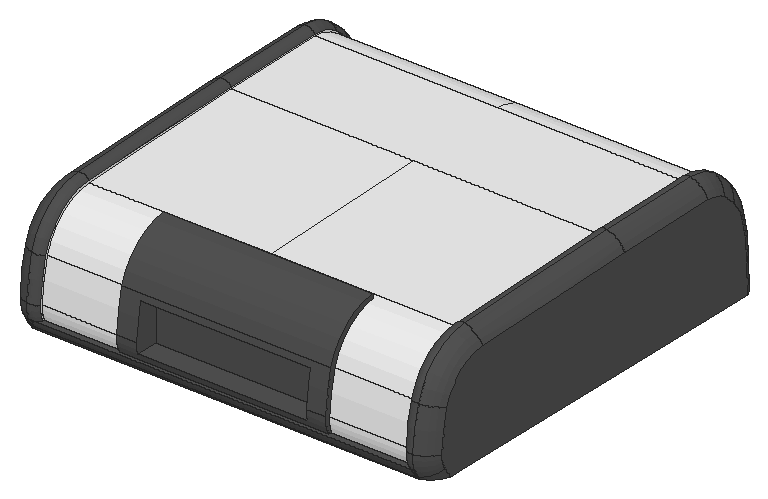
Revit family "Hand-Dryer_Bobrick_B-7120", category Electrical Fixtures, host Face, Revit 2015
Parameters
  Warranty Duration (Years) = 0
  Unit Width = 1' - 1 25/32"
  Unit Height = 1' - 1 19/32"
  Unit Depth = 0' - 4"
  URL = "http://www.bobrick.com/Pages/default.aspx"
  Trim = Enamel - Bobrick - Black
  Test Data = ""
  Specification = ""
  SpecWizard = ""
  Send Message = "http://www.arcat.com/users.pl?action=UserEmail&company=Bobrick+Washroom+Equipment,+Inc.&coid=30988&rep=156&fax=818-503-1930&mf="
  Sales Information = "http://www.bobrick.com/Pages/ContactUs.aspx"
  Revision = "R1_10_2012"
  Product Properties = ""
  Product Data = "http://arcat.com/arcatcos/cos30/arc30988.html?isac=1&r=1"
  Mounting Height [instance] = 3' - 0"
  Model = "As Specified"
  Manufacturer Website = "http://www.bobrick.com/Pages/default.aspx"
  Manufacturer Phone - Toll Free = ""
  Manufacturer Phone = "818-764-1000"
  Manufacturer Fax = "818-503-1930"
  Manufacturer Address = "11611 Hart St. North Hollywood, CA 91605-5882"
  Manufacturer = "Bobrick Washroom Equipment, Inc."
  Maintenance Schedule (Months) = 0
  Keynote = "102813"
  Installation-Fabrication = "http://www.bobrick.com/washroomaccessories/Pages/WashroomAccessories.aspx"
  Installation Phase = ""
  Cover = Paint-Bobrick-White
  Green Building-LEED = ""
  Expected Lifespan (Years) = 0
  Drawn By = "Sumex Design, Inc. / Robert S. Weygant, CSI, CDT, SCIP"
  Description = "Bobrick Washroom Accessory as Specified"
  Default Elevation = 4' - 0"
  Copyright = "©Arcat Inc."
  Construction Details = ""
  Building Codes = ""
  Assembly Code = "E1090900"
Reference planes (in)
  plane 1 "Center (Front/Back)": y = 5.29199
  plane 2: z = 0
  plane 3 "Center (Left/Right)": x = 0
  plane 4: x = -6.89062
  plane 5: x = 6.89063
  plane 6: z = 4
  plane 7: y = 12.08886
  plane 8: y = -1.50489
  plane 9 "FF": y = -37.50489
Forms (in)
  Extrusion 1, solid, material "Paint-Bobrick-White" <- "Cover"
    sketch origin (0, 0, 0) x (0, 1, 0) y (0, 0, 1)
      loop
        line (11.82841, 0) -> (12.08886, 0.25751) -> (12.07612, 0.97972)
        arc (12.07612, 0.97972) -> (12.00796, 1.76232) -> (11.83244, 2.52803) r 5.67825
        arc (11.83244, 2.52803) -> (11.66405, 2.92) -> (11.41335, 3.26518) r 1.9222
        arc (11.41335, 3.26518) -> (11.18368, 3.49101) -> (10.93082, 3.69052) r 2.95786
        arc (10.93082, 3.69052) -> (10.46763, 3.91829) -> (9.9568, 3.99231) r 1.65538
        line (9.9568, 3.99231) -> (6.51206, 3.94882)
        arc (6.51206, 3.94882) -> (3.59372, 3.88281) -> (0.67728, 3.75848) r 146.05514
        arc (0.67728, 3.75848) -> (-0.55004, 3.28995) -> (-1.27215, 2.19251) r 2.13936
        arc (-1.27215, 2.19251) -> (-1.42517, 1.49631) -> (-1.50291, 0.78775) r 6.65995
        arc (-1.50291, 0.78775) -> (-1.45831, 0.37578) -> (-1.28367, 0) r 1.27218
        line (-1.28367, 0) -> (11.82841, 0)
    from -6.89063 to 6.89062
  Extrusion 2, void
    sketch origin (0, 0, 0) x (1, 0, 0) y (0, 1, 0)
      loop
        line (-3.42312, -1.55404) -> (3.42312, -1.55404) -> (3.42312, 0.12243)
        arc (3.42312, 0.12243) -> (3.29727, 0.42627) -> (2.99344, 0.55212) r 0.42969
        line (2.99344, 0.55212) -> (-2.99188, 0.55212)
        arc (-2.99188, 0.55212) -> (-3.29682, 0.42581) -> (-3.42312, 0.12088) r 0.43124
        line (-3.42312, 0.12088) -> (-3.42312, -1.55404)
    from 0.25751 to 12
  Sweep 3, void
    path origin (0, 0, 0.03906) x (0, 1, 0) y (0, 0, 1)
      loop
        line (-0.43842, -1.23917) -> (-1.28367, 0)
        arc (-1.28367, 0) -> (-1.45831, 0.37578) -> (-1.50291, 0.78775) r 1.27218
        arc (-1.50291, 0.78775) -> (-1.42555, 1.49824) -> (-1.27215, 2.19627) r 6.62864
        arc (-1.27215, 2.19627) -> (-0.54894, 3.29122) -> (0.67728, 3.75848) r 2.14073
        arc (0.67728, 3.75848) -> (3.59372, 3.88276) -> (6.51206, 3.94882) r 146.30313
        line (6.51206, 3.94882) -> (9.94632, 3.99218)
        arc (9.94632, 3.99218) -> (10.46664, 3.91615) -> (10.93769, 3.68245) r 1.67389
        arc (10.93769, 3.68245) -> (11.18438, 3.48638) -> (11.40881, 3.26518) r 2.95786
        arc (11.40881, 3.26518) -> (11.6595, 2.92) -> (11.82789, 2.52803) r 1.9222
        arc (11.82789, 2.52803) -> (12.00341, 1.76232) -> (12.07157, 0.97972) r 5.67825
        line (12.07157, 0.97972) -> (12.09695, -0.45832)
    profile origin (0, 8.22919, 4.00957) x (0, -0.012624, 0.99992) y (1, 0, 0)
      loop
        line (0.27893, 0) -> (0.27893, 7.22009) -> (-1.03675, 7.22009) -> (-1.03675, 6.89063) -> (-0.53575, 6.89063)
        arc (-0.53575, 6.89063) -> (-0.23441, 6.66233) -> (-0.05061, 6.33196) r 0.91809
        arc (-0.05061, 6.33196) -> (-0.07826, 6.14111) -> (-0.20668, 5.99726) r 0.3344
        line (-0.20668, 5.99726) -> (-0.25194, 5.99726) -> (-0.25194, 0) -> (0.27893, 0)
  Sweep 4, void
    path origin (0, 0, 0.03906) x (0, 1, 0) y (0, 0, -1)
      loop
        line (-0.43842, 1.23917) -> (-1.28367, 0)
        arc (-1.28367, 0) -> (-1.45831, -0.37578) -> (-1.50291, -0.78775) r 1.27218
        arc (-1.50291, -0.78775) -> (-1.42555, -1.49824) -> (-1.27215, -2.19627) r 6.62864
        arc (-1.27215, -2.19627) -> (-0.54894, -3.29122) -> (0.67728, -3.75848) r 2.14073
        arc (0.67728, -3.75848) -> (3.59372, -3.88276) -> (6.51206, -3.94882) r 146.30313
        line (6.51206, -3.94882) -> (9.94632, -3.99218)
        arc (9.94632, -3.99218) -> (10.46664, -3.91615) -> (10.93769, -3.68245) r 1.67389
        arc (10.93769, -3.68245) -> (11.18438, -3.48638) -> (11.40881, -3.26518) r 2.95786
        arc (11.40881, -3.26518) -> (11.6595, -2.92) -> (11.82789, -2.52803) r 1.9222
        arc (11.82789, -2.52803) -> (12.00341, -1.76232) -> (12.07157, -0.97972) r 5.67825
        line (12.07157, -0.97972) -> (12.09695, 0.45832)
    profile origin (0, 8.22919, 4.00957) x (0, 0.012624, -0.99992) y (-1, 0, 0)
      loop
        line (-0.27893, 0) -> (0.25194, 0) -> (0.25194, 5.99726) -> (0.20668, 5.99726)
        arc (0.20668, 5.99726) -> (0.07826, 6.14111) -> (0.05061, 6.33196) r 0.3344
        arc (0.05061, 6.33196) -> (0.23441, 6.66233) -> (0.53575, 6.89063) r 0.91809
        line (0.53575, 6.89063) -> (1.03675, 6.89063) -> (1.03675, 7.22009) -> (-0.27893, 7.22009) -> (-0.27893, 0)
  Extrusion 5, solid, material "Enamel - Bobrick - Black" <- "Trim"
    sketch origin (0, 0, 0) x (0, 1, 0) y (0, 0, 1)
      loop
        line (-1.24186, 0.06758) -> (-1.19576, 0) -> (11.82841, 0) -> (12.03532, 0.20457) -> (12.03309, 0.33116) -> (-1.37804, 0.33116)
        arc (-1.37804, 0.33116) -> (-1.31798, 0.19522) -> (-1.24186, 0.06758) r 1.22157
    from -6.33196 to 6.33196
  Extrusion 6, solid, material "Enamel - Bobrick - Black" <- "Trim"
    sketch origin (0, 0, 0) x (0, 1, 0) y (0, 0, 1)
      loop
        arc (-1.3903, 0.8778) -> (-1.36863, 0.59672) -> (-1.274, 0.33116) r 1.0655
        line (-1.274, 0.33116) -> (0.55212, 0.33116) -> (0.55212, 3.65095)
        arc (0.55212, 3.65095) -> (-0.53079, 3.21703) -> (-1.1667, 2.23896) r 1.93267
        arc (-1.1667, 2.23896) -> (-1.31497, 1.56437) -> (-1.3903, 0.8778) r 6.45326
    from -3.42312 to 3.42312
  Extrusion 7, void
    sketch origin (-15.51989, -1.50489, 48) x (1, 0, 0) y (0, 0, 1)
      loop
        line (12.75867, -45.96125) -> (12.75867, -47.46125) -> (18.3291, -47.46125) -> (18.3291, -45.96125) -> (12.75867, -45.96125)
    from -0.90749 to 0
Cuts and joins
  Extrusion 2, Sweep 3, Sweep 4, Extrusion 7 cuts Extrusion 1
  Extrusion 7 cuts Extrusion 6
Dimensions and locks (in)
  "Unit Depth": plane 6 to level
  equal spacing: plane 4, plane 3 "Center (Left/Right)", plane 5
  "Unit Width": plane 4 to plane 5
  equal spacing: plane 7, plane 1 "Center (Front/Back)", plane 8
  "Unit Height": plane 7 to plane 8
  "Mounting Height": plane 8 to plane 9 "FF"
  aligned and locked: plane 2 to host face
  aligned and locked: level to host face
  aligned and locked: Extrusion 7 to plane 8
Automatic sketch dimensions
  host sketch curve to host sketch curve = 8' - 0"  (x2)
  Extrusion 1 sketch curve to level = 0' - 0"
  Extrusion 1 sketch curve to plane 7 = 0' - 0"
  Extrusion 1 sketch curve to plane 7 = 0' - 0.01274"
  Extrusion 1 sketch curve to plane 7 = 0' - 0.25642"
  Extrusion 1 sketch curve to Extrusion 1 sketch curve = 0' - 0"  (x6)
  Extrusion 1 sketch curve to plane 7 = 0' - 0.26045"
  Extrusion 1 sketch curve to plane 7 = 0' - 0.67551"
  Extrusion 1 sketch curve to plane 6 = 0' - 0.30948"
  Extrusion 1 sketch curve to Extrusion 1 sketch curve = 0' - 0.48253"
  Extrusion 1 sketch curve to Extrusion 1 sketch curve = 0' - 1.83941"
  Extrusion 1 sketch curve to Extrusion 1 sketch curve = 0' - 0.01533"
  Extrusion 1 sketch curve to plane 6 = 0' - 0.00769"
  Extrusion 1 sketch curve to Extrusion 1 sketch curve = 0' - 0.97402"
  Extrusion 1 sketch curve to Extrusion 1 sketch curve = 0' - 0.76525"
  Extrusion 1 sketch curve to plane 1 "Center (Front/Back)" = 0' - 3.06385"
  Extrusion 1 sketch curve to plane 6 = 0' - 0.05118"
  Extrusion 1 sketch curve to plane 1 "Center (Front/Back)" = 0' - 1.22007"
  level to Extrusion 1 sketch curve = 0' - 0.87953"
  plane 1 "Center (Front/Back)" to Extrusion 1 sketch curve = 0' - 0.14529"
  plane 8 to Extrusion 1 sketch curve = 0' - 2.29464"
  Extrusion 1 sketch curve to Extrusion 1 sketch curve = 0' - 0.11247"
  plane 8 to Extrusion 1 sketch curve = 0' - 1.27218"
  Extrusion 1 sketch curve to Extrusion 1 sketch curve = 0' - 1.03944"
  plane 8 to Extrusion 1 sketch curve = 0' - 0.22121"
  plane 8 to Extrusion 1 sketch curve = 0' - 0.00198"
  level to Extrusion 1 sketch curve = 0' - 0.25751"
  Extrusion 2 sketch curve to plane 8 = 0' - 0.04915"
  Extrusion 2 sketch curve to plane 3 "Center (Left/Right)" = 0' - 3.42312"
  Extrusion 2 sketch curve to Extrusion 2 sketch curve = 0' - 0.43124"
  plane 3 "Center (Left/Right)" to Extrusion 2 sketch curve = 0' - 2.99344"
  Extrusion 2 sketch curve to Extrusion 2 sketch curve = 0' - 0 55/128"
  plane 8 to Extrusion 2 sketch curve = 0' - 1.62577"
  plane 8 to Sweep 3 sketch curve = 0' - 0.00198"
  Sweep 3 sketch curve to Sweep 3 sketch curve = 0' - 0"  (x5)
  level to Sweep 3 sketch curve = 0' - 0 5/128"
  plane 8 to Sweep 3 sketch curve = 0' - 0.22121"
  plane 8 to Sweep 3 sketch curve = 0' - 0.23274"
  plane 8 to Sweep 3 sketch curve = 0' - 1.06647"
  level to Sweep 3 sketch curve = 0' - 0.75594"
  Sweep 3 sketch curve to Sweep 3 sketch curve = 0' - 1.05097"
  Sweep 3 sketch curve to plane 6 = 0' - 0.20246"
  plane 8 to Sweep 3 sketch curve = 0' - 2.18217"
  Sweep 3 sketch curve to Sweep 3 sketch curve = 0' - 1.02246"
  Sweep 3 sketch curve to plane 1 "Center (Front/Back)" = 0' - 1.10222"
  Sweep 3 sketch curve to plane 6 = 0' - 0.01211"
  Sweep 3 sketch curve to plane 1 "Center (Front/Back)" = 0' - 1.22007"
  level to Sweep 3 sketch curve = 0' - 1.31121"
  Sweep 3 sketch curve to Sweep 3 sketch curve = 0' - 2.82903"
  plane 6 to Sweep 3 sketch curve = 0' - 0 1/32"
  Sweep 3 sketch curve to plane 7 = 0' - 2.14254"
  Sweep 3 sketch curve to Sweep 3 sketch curve = 0' - 0.74422"
  Sweep 3 sketch curve to Sweep 3 sketch curve = 0' - 0.02103"
  Sweep 3 sketch curve to plane 6 = 0' - 0.27849"
  Sweep 3 sketch curve to Sweep 3 sketch curve = 0' - 0.99136"
  Sweep 3 sketch curve to Sweep 3 sketch curve = 0' - 0.47112"
  Sweep 3 sketch curve to plane 7 = 0' - 0.26097"
  Sweep 3 sketch curve to plane 7 = 0' - 0.01729"
  plane 7 to Sweep 3 sketch curve = 0' - 0.00809"
  Sweep 3 sketch curve to level = 0' - 1.20011"
  Sweep 3 sketch curve to level = 0' - 0.41926"
  Sweep 3 sketch curve to profile plane = 0' - 0"
  profile plane to Sweep 3 sketch curve = 0' - 1.03675"
  Sweep 3 sketch curve to Sweep 3 sketch curve = 0' - 0.10914"
  Sweep 3 sketch curve to Sweep 3 sketch curve = 0' - 0.501"
  profile plane to Sweep 3 sketch curve = 0' - 0.38133"
  profile plane to Sweep 3 sketch curve = 0' - 0.25194"
  Sweep 3 sketch curve to Sweep 3 sketch curve = 0' - 0.04526"
  profile plane to Sweep 3 sketch curve = 0' - 0.05061"
  Sweep 3 sketch curve to profile plane = 0' - 0.27893"
  profile plane to Sweep 3 sketch curve = 0' - 5.99726"
  Sweep 3 sketch curve to Sweep 3 sketch curve = 0' - 0.0631"
  Sweep 3 sketch curve to Sweep 3 sketch curve = 0' - 0 73/256"
  Sweep 3 sketch curve to Sweep 3 sketch curve = 0' - 0.32947"
  plane 8 to Sweep 4 sketch curve = 0' - 0.00198"
  Sweep 4 sketch curve to Sweep 4 sketch curve = 0' - 0"  (x5)
  level to Sweep 4 sketch curve = 0' - 0 5/128"
  plane 8 to Sweep 4 sketch curve = 0' - 0.22121"
  plane 8 to Sweep 4 sketch curve = 0' - 0.23274"
  plane 8 to Sweep 4 sketch curve = 0' - 1.06647"
  level to Sweep 4 sketch curve = 0' - 0.75594"
  Sweep 4 sketch curve to Sweep 4 sketch curve = 0' - 1.05097"
  Sweep 4 sketch curve to plane 6 = 0' - 0.20246"
  plane 8 to Sweep 4 sketch curve = 0' - 2.18217"
  Sweep 4 sketch curve to Sweep 4 sketch curve = 0' - 1.02246"
  Sweep 4 sketch curve to plane 1 "Center (Front/Back)" = 0' - 1.10222"
  Sweep 4 sketch curve to plane 6 = 0' - 0.01211"
  Sweep 4 sketch curve to plane 1 "Center (Front/Back)" = 0' - 1.22007"
  level to Sweep 4 sketch curve = 0' - 1.31121"
  Sweep 4 sketch curve to Sweep 4 sketch curve = 0' - 2.82903"
  plane 6 to Sweep 4 sketch curve = 0' - 0 1/32"
  Sweep 4 sketch curve to plane 7 = 0' - 2.14254"
  Sweep 4 sketch curve to Sweep 4 sketch curve = 0' - 0.74422"
  Sweep 4 sketch curve to Sweep 4 sketch curve = 0' - 0.02103"
  Sweep 4 sketch curve to plane 6 = 0' - 0.27849"
  Sweep 4 sketch curve to Sweep 4 sketch curve = 0' - 0.99136"
  Sweep 4 sketch curve to Sweep 4 sketch curve = 0' - 0.47112"
  Sweep 4 sketch curve to plane 7 = 0' - 0.26097"
  Sweep 4 sketch curve to plane 7 = 0' - 0.01729"
  plane 7 to Sweep 4 sketch curve = 0' - 0.00809"
  Sweep 4 sketch curve to level = 0' - 0.41926"
  Sweep 4 sketch curve to level = 0' - 1.20011"
  Sweep 4 sketch curve to profile plane = 0' - 0"
  profile plane to Sweep 4 sketch curve = 0' - 0.27893"
  Sweep 4 sketch curve to profile plane = 0' - 0.05061"
  Sweep 4 sketch curve to profile plane = 0' - 0.20668"
  Sweep 4 sketch curve to Sweep 4 sketch curve = 0' - 0.04526"
  Sweep 4 sketch curve to Sweep 4 sketch curve = 0' - 0.12938"
  Sweep 4 sketch curve to profile plane = 0' - 0.53575"
  Sweep 4 sketch curve to Sweep 4 sketch curve = 0' - 0.54629"
  Sweep 4 sketch curve to Sweep 4 sketch curve = 0' - 0.501"
  profile plane to Sweep 4 sketch curve = 0' - 5.99726"
  Sweep 4 sketch curve to Sweep 4 sketch curve = 0' - 0.0631"
  Sweep 4 sketch curve to Sweep 4 sketch curve = 0' - 0 73/256"
  Sweep 4 sketch curve to Sweep 4 sketch curve = 0' - 0.32947"
  Extrusion 5 sketch curve to level = 0' - 0"
  plane 8 to Extrusion 5 sketch curve = 0' - 0.12685"
  level to Extrusion 5 sketch curve = 0' - 0.06758"
  plane 8 to Extrusion 5 sketch curve = 0' - 0.26303"
  Extrusion 5 sketch curve to Extrusion 5 sketch curve = 0' - 0.0461"
  Extrusion 5 sketch curve to Extrusion 5 sketch curve = 0' - 1.00915"
  Extrusion 5 sketch curve to plane 7 = 0' - 0.26045"
  Extrusion 5 sketch curve to plane 7 = 0' - 0.05578"
  Extrusion 5 sketch curve to plane 7 = 0' - 0.05354"
  level to Extrusion 5 sketch curve = 0' - 0.20457"
  Extrusion 5 sketch curve to Extrusion 5 sketch curve = 0' - 0.26357"
  plane 8 to Extrusion 6 sketch curve = 0' - 0.11459"
  Extrusion 6 sketch curve to Extrusion 6 sketch curve = 0' - 0"  (x2)
  plane 8 to Extrusion 6 sketch curve = 0' - 0.23089"
  plane 8 to Extrusion 6 sketch curve = 0' - 0.33819"
  level to Extrusion 6 sketch curve = 0' - 0.33116"
  plane 1 "Center (Front/Back)" to Extrusion 6 sketch curve = 0' - 0.23904"
  level to Extrusion 6 sketch curve = 0' - 0.5183"
  Extrusion 6 sketch curve to Extrusion 6 sketch curve = 0' - 0.87858"
  Extrusion 6 sketch curve to plane 6 = 0' - 0.34905"
  Extrusion 6 sketch curve to Extrusion 6 sketch curve = 0' - 0.14389"
  plane 3 "Center (Left/Right)" to Extrusion 7 sketch curve = 0' - 2.80921"
  level to Extrusion 7 sketch curve = 0' - 0.53875"
  Extrusion 7 sketch curve to plane 3 "Center (Left/Right)" = 0' - 2.76122"
  Extrusion 7 sketch curve to Extrusion 7 sketch curve = 0' - 1 1/2"
